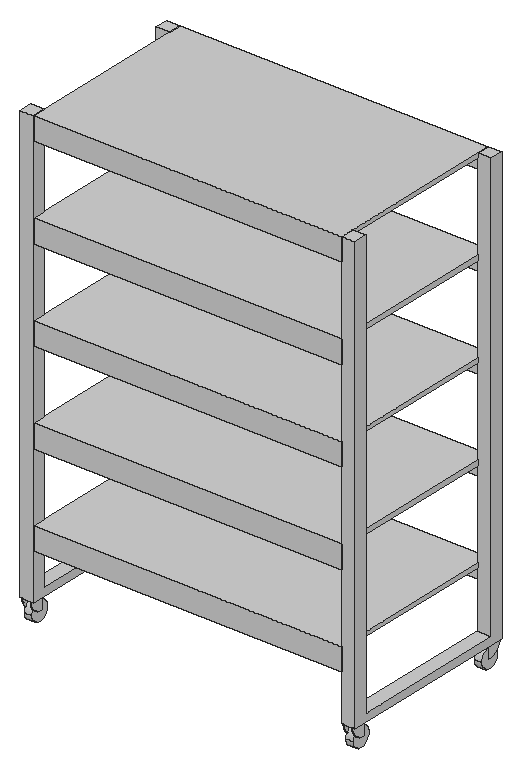
Revit family "WS47", category Specialty Equipment, Revit 2012
Parameters (values of type "Roll-Around Wide Span Unit (Default)")
  Width = 3' - 6"
  URL = "http://madixinc.com/store/widespan/core.html"
  Model = "Wide Span"
  Manufacturer = "© 2012 Madix, Inc. All rights reserved."
Reference planes (in)
  plane 1 "Center (Front/Back)": y = 0
  plane 2: z = 0
  plane 3 "Center (Left/Right)": x = 0
  plane 4: x = -20.125
  plane 5: x = 20.125
  plane 6: y = 12
  plane 7: y = -12
  plane 8: z = 60
  plane 9: x = 21.875
  plane 10: x = -21.875
  plane 11: x = -21
  plane 12: x = 21
  plane 13: z = 4
  plane 14: z = 3
Forms (in)
  Extrusion 1, solid, material "Metal - Steel"
    sketch origin (-18, -16.25, 9) x (0, -1, 0) y (0, 0, -1)
      loop
        line (-28.25, 0) -> (-28.25, -3) -> (-4.25, -3) -> (-4.25, 0) -> (-4.375, 0) -> (-4.375, -2.375) -> (-28.125, -2.375) -> (-28.125, 0) -> (-28.25, 0)
    from -2.125 to 38.125
  Extrusion 2, solid, material "Metal - Steel"
    sketch origin (-18, -16.25, 33) x (0, -1, 0) y (0, 0, -1)
      loop
        line (-28.25, 12) -> (-28.25, 9) -> (-4.25, 9) -> (-4.25, 12) -> (-4.375, 12) -> (-4.375, 9.625) -> (-28.125, 9.625) -> (-28.125, 12) -> (-28.25, 12)
    from -2.125 to 38.125
  Extrusion 3, solid, material "Metal - Steel"
    sketch origin (-18, -16.25, 45) x (0, -1, 0) y (0, 0, -1)
      loop
        line (-28.25, 12) -> (-28.25, 9) -> (-4.25, 9) -> (-4.25, 12) -> (-4.375, 12) -> (-4.375, 9.625) -> (-28.125, 9.625) -> (-28.125, 12) -> (-28.25, 12)
    from -2.125 to 38.125
  Extrusion 4, solid, material "Metal - Steel"
    sketch origin (-18, -16.25, 57) x (0, -1, 0) y (0, 0, -1)
      loop
        line (-28.25, 12) -> (-28.25, 9) -> (-4.25, 9) -> (-4.25, 12) -> (-4.375, 12) -> (-4.375, 9.625) -> (-28.125, 9.625) -> (-28.125, 12) -> (-28.25, 12)
    from -2.125 to 38.125
  Extrusion 5, solid, material "Metal - Steel"
    sketch origin (-18, -16.25, 69) x (0, -1, 0) y (0, 0, -1)
      loop
        line (-28.25, 12) -> (-28.25, 9) -> (-4.25, 9) -> (-4.25, 12) -> (-4.375, 12) -> (-4.375, 9.625) -> (-28.125, 9.625) -> (-28.125, 12) -> (-28.25, 12)
    from -2.125 to 38.125
  Extrusion 6, solid, material "Metal - Steel"
    sketch origin (0, 0, 0) x (1, 0, 0) y (0, 1, 0)
      loop
        line (-20.125, 12) -> (-21.875, 12) -> (-21.875, 10.25) -> (-20.125, 10.25) -> (-20.125, 12)
      loop
        line (20.125, 12) -> (20.125, 10.25) -> (21.875, 10.25) -> (21.875, 12) -> (20.125, 12)
      loop
        line (-20.125, -12) -> (-20.125, -10.25) -> (-21.875, -10.25) -> (-21.875, -12) -> (-20.125, -12)
      loop
        line (20.125, -12) -> (21.875, -12) -> (21.875, -10.25) -> (20.125, -10.25) -> (20.125, -12)
    from 4 to 60
  Extrusion 7, solid, material "Metal - Steel"
    sketch origin (0, 0, 0) x (1, 0, 0) y (0, 1, 0)
      loop
        line (-21.875, 12) -> (-21.875, -12) -> (-20.125, -12) -> (-20.125, 12) -> (-21.875, 12)
      loop
        line (21.875, 12) -> (20.125, 12) -> (20.125, -12) -> (21.875, -12) -> (21.875, 12)
    from 3 to 4
  Extrusion 8, solid, material "Metal - Steel"
    sketch origin (0, 0, 0) x (0, 1, 0) y (0, 0, 1)
      loop
        circle (10.5, 1.25) r 1.25
    from 20.5 to 21.5
  Extrusion 9, solid, material "Metal - Steel"
    sketch origin (0, 0, 0) x (0, -1, 0) y (0, 0, -1)
      loop
        circle (10.5, -1.25) r 1.25
    from 20.5 to 21.5
  Extrusion 10, solid, material "Metal - Steel"
    sketch origin (0, 0, 0) x (0, -1, 0) y (0, 0, 1)
      loop
        circle (10.5, 1.25) r 1.25
    from 20.5 to 21.5
  Extrusion 11, solid, material "Metal - Steel"
    sketch origin (0, 0, 0) x (0, 1, 0) y (0, 0, -1)
      loop
        circle (10.5, -1.25) r 1.25
    from 20.5 to 21.5
  Extrusion 12, solid, material "Metal - Steel"
    sketch origin (0, 0, 0) x (0, 1, 0) y (0, 0, 1)
      loop
        line (10.25, 3) -> (10.25, 1.25)
        arc (10.25, 1.25) -> (11.48744, 1.76256) -> (12, 3) r 1.75
        line (12, 3) -> (10.25, 3)
      loop
        line (-10.25, 3) -> (-12, 3)
        arc (-12, 3) -> (-11.48744, 1.76256) -> (-10.25, 1.25) r 1.75
        line (-10.25, 1.25) -> (-10.25, 3)
    from 21.5 to 21.625
  Extrusion 13, solid, material "Metal - Steel"
    sketch origin (42, 0, 0) x (0, 1, 0) y (0, 0, -1)
      loop
        line (10.25, -3) -> (12, -3)
        arc (12, -3) -> (11.48744, -1.76256) -> (10.25, -1.25) r 1.75
        line (10.25, -1.25) -> (10.25, -3)
      loop
        line (-10.25, -3) -> (-10.25, -1.25)
        arc (-10.25, -1.25) -> (-11.48744, -1.76256) -> (-12, -3) r 1.75
        line (-12, -3) -> (-10.25, -3)
    from 21.5 to 21.625
  Extrusion 14, solid, material "Metal - Steel"
    sketch origin (-42, 0, 0) x (0, 1, 0) y (0, 0, 1)
      loop
        line (10.25, 3) -> (10.25, 1.25)
        arc (10.25, 1.25) -> (11.48744, 1.76256) -> (12, 3) r 1.75
        line (12, 3) -> (10.25, 3)
      loop
        line (-10.25, 3) -> (-12, 3)
        arc (-12, 3) -> (-11.48744, 1.76256) -> (-10.25, 1.25) r 1.75
        line (-10.25, 1.25) -> (-10.25, 3)
    from 21.5 to 21.625
  Extrusion 15, solid, material "Metal - Steel"
    sketch origin (0, 0, 0) x (0, 1, 0) y (0, 0, -1)
      loop
        line (10.25, -3) -> (12, -3)
        arc (12, -3) -> (11.48744, -1.76256) -> (10.25, -1.25) r 1.75
        line (10.25, -1.25) -> (10.25, -3)
      loop
        line (-10.25, -3) -> (-10.25, -1.25)
        arc (-10.25, -1.25) -> (-11.48744, -1.76256) -> (-12, -3) r 1.75
        line (-12, -3) -> (-10.25, -3)
    from 21.5 to 21.625
Cuts and joins
  joined: Extrusion 6, Extrusion 7, Extrusion 8, Extrusion 9, Extrusion 10, Extrusion 11, Extrusion 12, Extrusion 13, Extrusion 14, Extrusion 15
Dimensions and locks (in)
  equal spacing: plane 7, plane 1 "Center (Front/Back)", plane 6
  plane 7 to plane 6 = 2' - 0"
  plane 8 to level = 5' - 0"
  plane 10 to plane 11 to plane 4 = 0' - 0 7/8" locked, 0' - 0 7/8" locked
  plane 5 to plane 12 to plane 9 = 0' - 0 7/8" locked, 0' - 0 7/8" locked
  equal spacing: plane 11, plane 3 "Center (Left/Right)", plane 12
  "Width": plane 11 to plane 12
  cut or joined group 1 (Extrusion 6, Extrusion 7, Extrusion 8, Extrusion 9, Extrusion 10, Extrusion 11, Extrusion 12, Extrusion 13, Extrusion 14, Extrusion 15) to cut or joined group 1 to cut or joined group 1 to cut or joined group 1 to cut or joined group 1 to plane 9 = 0' - 0 1/4" locked, 0' - 0 1/8" locked, 0' - 1" locked, 0' - 0 1/8" locked, 0' - 0 1/4" locked
  cut or joined group 1 to cut or joined group 1 to cut or joined group 1 to cut or joined group 1 to cut or joined group 1 to cut or joined group 1 = 0' - 0 1/4" locked, 0' - 0 1/8" locked, 0' - 1" locked, 0' - 0 1/8" locked, 0' - 0 1/4" locked
  aligned and locked: level to plane 2
  aligned and locked: Extrusion 1 to plane 5
  aligned and locked: Extrusion 1 to plane 4
  aligned and locked: Extrusion 2 to plane 5
  aligned and locked: Extrusion 2 to plane 4
  aligned and locked: Extrusion 3 to plane 5
  aligned and locked: Extrusion 3 to plane 4
  aligned and locked: Extrusion 4 to plane 5
  aligned and locked: Extrusion 4 to plane 4
  aligned and locked: Extrusion 2 to Extrusion 1
  aligned and locked: Extrusion 1 to Extrusion 3
  aligned and locked: Extrusion 3 to Extrusion 1
  aligned and locked: Extrusion 1 to Extrusion 4
  aligned and locked: Extrusion 4 to Extrusion 1
  aligned and locked: Extrusion 5 to plane 5
  aligned and locked: Extrusion 5 to plane 4
  aligned and locked: plane 4 to Extrusion 6  (x2)
  aligned and locked: plane 5 to Extrusion 6  (x2)
  aligned and locked: plane 8 to Extrusion 6
  aligned and locked: plane 9 to Extrusion 6
  aligned and locked: plane 10 to Extrusion 6
  aligned and locked: Extrusion 9 to Extrusion 12
  aligned and locked: Extrusion 9 to Extrusion 13
  aligned and locked: Extrusion 8 to Extrusion 12
  aligned and locked: Extrusion 8 to Extrusion 13
  aligned and locked: Extrusion 11 to Extrusion 15
  aligned and locked: Extrusion 11 to Extrusion 14
  aligned and locked: Extrusion 10 to Extrusion 15
  aligned and locked: Extrusion 10 to Extrusion 14
Automatic sketch dimensions
  Extrusion 1 sketch curve to plane 6 = 0' - 0"
  Extrusion 1 sketch curve to plane 7 = 0' - 0"
  plane 6 to Extrusion 1 sketch curve = 0' - 0 1/8"
  Extrusion 1 sketch curve to plane 7 = 0' - 0 1/8"
  plane 13 to Extrusion 1 sketch curve = 0' - 8"
  Extrusion 1 sketch curve to Extrusion 1 sketch curve = 0' - 0 5/8"
  Extrusion 1 sketch curve to Extrusion 1 sketch curve = 0' - 2 3/8"  (x2)
  Extrusion 2 sketch curve to plane 6 = 0' - 0"
  Extrusion 2 sketch curve to plane 7 = 0' - 0"
  plane 6 to Extrusion 2 sketch curve = 0' - 0 1/8"
  Extrusion 2 sketch curve to plane 7 = 0' - 0 1/8"
  plane 13 to Extrusion 2 sketch curve = 1' - 8"
  Extrusion 2 sketch curve to Extrusion 2 sketch curve = 0' - 0 5/8"
  Extrusion 2 sketch curve to Extrusion 2 sketch curve = 0' - 2 3/8"  (x2)
  Extrusion 3 sketch curve to plane 6 = 0' - 0"
  Extrusion 3 sketch curve to plane 7 = 0' - 0"
  plane 6 to Extrusion 3 sketch curve = 0' - 0 1/8"
  Extrusion 3 sketch curve to plane 7 = 0' - 0 1/8"
  plane 8 to Extrusion 3 sketch curve = 2' - 0"
  Extrusion 3 sketch curve to Extrusion 3 sketch curve = 0' - 0 5/8"
  Extrusion 3 sketch curve to Extrusion 3 sketch curve = 0' - 2 3/8"  (x2)
  Extrusion 4 sketch curve to plane 6 = 0' - 0"
  Extrusion 4 sketch curve to plane 7 = 0' - 0"
  plane 6 to Extrusion 4 sketch curve = 0' - 0 1/8"
  Extrusion 4 sketch curve to plane 7 = 0' - 0 1/8"
  plane 8 to Extrusion 4 sketch curve = 1' - 0"
  Extrusion 4 sketch curve to Extrusion 4 sketch curve = 0' - 0 5/8"
  Extrusion 4 sketch curve to Extrusion 4 sketch curve = 0' - 2 3/8"  (x2)
  Extrusion 5 sketch curve to plane 6 = 0' - 0"
  Extrusion 5 sketch curve to plane 7 = 0' - 0"
  plane 8 to Extrusion 5 sketch curve = 0' - 0"
  plane 6 to Extrusion 5 sketch curve = 0' - 0 1/8"
  Extrusion 5 sketch curve to plane 7 = 0' - 0 1/8"
  plane 8 to Extrusion 5 sketch curve = 0' - 0 5/8"
  Extrusion 5 sketch curve to Extrusion 5 sketch curve = 0' - 2 3/8"  (x2)
  plane 7 to Extrusion 6 sketch curve = 0' - 0"  (x2)
  Extrusion 6 sketch curve to plane 10 = 0' - 0"  (x2)
  plane 6 to Extrusion 6 sketch curve = 0' - 0"  (x2)
  Extrusion 6 sketch curve to plane 4 = 0' - 0"  (x2)
  Extrusion 6 sketch curve to plane 5 = 0' - 0"  (x2)
  Extrusion 6 sketch curve to plane 9 = 0' - 0"  (x2)
  Extrusion 6 sketch curve to plane 7 = 0' - 1 3/4"
  Extrusion 6 sketch curve to Extrusion 6 sketch curve = 0' - 1 3/4"  (x2)
  plane 6 to Extrusion 6 sketch curve = 0' - 1 3/4"
  plane 7 to Extrusion 7 sketch curve = 0' - 0"  (x2)
  Extrusion 7 sketch curve to plane 10 = 0' - 0"
  Extrusion 7 sketch curve to plane 4 = 0' - 0"
  Extrusion 7 sketch curve to plane 5 = 0' - 0"
  Extrusion 7 sketch curve to plane 9 = 0' - 0"
  plane 6 to Extrusion 7 sketch curve = 0' - 0"  (x2)
  plane 6 to Extrusion 8 sketch curve = 0' - 1 1/2"
  level to Extrusion 8 sketch curve = 0' - 1 1/4"
  plane 7 to Extrusion 9 sketch curve = 0' - 1 1/2"
  Extrusion 9 sketch curve to level = 0' - 1 1/4"
  Extrusion 10 sketch curve to plane 7 = 0' - 1 1/2"
  level to Extrusion 10 sketch curve = 0' - 1 1/4"
  plane 6 to Extrusion 11 sketch curve = 0' - 1 1/2"
  level to Extrusion 11 sketch curve = 0' - 1 1/4"
  Extrusion 12 sketch curve to plane 7 = 0' - 0"
  Extrusion 12 sketch curve to plane 14 = 0' - 0"  (x2)
  Extrusion 12 sketch curve to plane 6 = 0' - 0"
  Extrusion 12 sketch curve to Extrusion 12 sketch curve = 0' - 1 3/4"
  level to Extrusion 12 sketch curve = 0' - 1 1/4"
  Extrusion 13 sketch curve to plane 7 = 0' - 0"
  Extrusion 13 sketch curve to plane 14 = 0' - 0"  (x2)
  Extrusion 13 sketch curve to plane 6 = 0' - 0"
  Extrusion 13 sketch curve to Extrusion 13 sketch curve = 0' - 1 3/4"
  level to Extrusion 13 sketch curve = 0' - 1 1/4"
  Extrusion 14 sketch curve to plane 7 = 0' - 0"
  Extrusion 14 sketch curve to plane 14 = 0' - 0"  (x2)
  Extrusion 14 sketch curve to plane 6 = 0' - 0"
  Extrusion 14 sketch curve to Extrusion 14 sketch curve = 0' - 1 3/4"
  level to Extrusion 14 sketch curve = 0' - 1 1/4"
  Extrusion 15 sketch curve to plane 7 = 0' - 0"
  Extrusion 15 sketch curve to plane 14 = 0' - 0"  (x2)
  Extrusion 15 sketch curve to plane 6 = 0' - 0"
  Extrusion 15 sketch curve to Extrusion 15 sketch curve = 0' - 1 3/4"
  level to Extrusion 15 sketch curve = 0' - 1 1/4"
  radius of Extrusion 8 sketch curve = 0' - 1 1/4"
  radius of Extrusion 9 sketch curve = 0' - 1 1/4"
  radius of Extrusion 10 sketch curve = 0' - 1 1/4"
  radius of Extrusion 11 sketch curve = 0' - 1 1/4"
